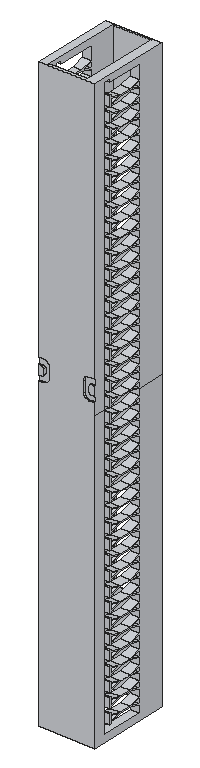
Revit family
Parameters
  Material ID = "760089433"
  Description = "Vertical Cable Management Kit, 8in X 84in (203mm X 2134mm) Single Sided, With Door, Black"
Reference planes (in)
  plane 1 "Center (Front/Back)": y = 0
  plane 2: z = 0
  plane 3 "Center (Left/Right)": x = 0
Forms (in)
  Extrusion 1, void, not visible
    sketch origin (0, 0, 0) x (1, 0, 0) y (0, 0, 1)
      loop
        line (-7.85662, 0.48089) -> (-7.85662, -0.39002) -> (-7.67285, -0.39002) -> (-7.67285, -0.64002) -> (-7.0736, -0.64002) -> (-7.0736, -0.39002) -> (-6.92978, -0.39002) -> (-6.92978, 0.48089) -> (-7.85662, 0.48089)
    from -3.79215 to 12
  Extrusion 2, void, not visible
    sketch origin (0, 0, 0) x (1, 0, 0) y (0, 0, 1)
      loop
        line (-8.21397, 0.42583) -> (-8.21397, -0.07417) -> (-8.08657, -0.07417) -> (-8.08657, -0.27417) -> (-7.83657, -0.27417) -> (-7.83657, -0.07417) -> (-7.72497, -0.07417) -> (-7.72497, 0.42583) -> (-8.21397, 0.42583)
    from 0.74059 to 3.34334
  Extrusion 3, solid
    sketch origin (0, 0, 0) x (1, 0, 0) y (0, 0, 1)
      loop
        line (7, 42) -> (-1, 42) -> (-1, -42) -> (7, -42) -> (7, 0) -> (7, 42)
    from 11.281 to -0.549
  Extrusion 4, void
    sketch origin (0, 0, 0) x (1, 0, 0) y (0, 0, 1)
      loop
        line (7, 4.67999) -> (6.17811, 4.67999)
        arc (6.17811, 4.67999) -> (5.61242, 4.44568) -> (5.37811, 3.87999) r 0.8
        line (5.37811, 3.87999) -> (5.37811, 2.45474)
        arc (5.37811, 2.45474) -> (5.61242, 1.88905) -> (6.17811, 1.65474) r 0.8
        line (6.17811, 1.65474) -> (7, 1.65474) -> (7, 2.45474) -> (6.47811, 2.45474)
        arc (6.47811, 2.45474) -> (6.26598, 2.54261) -> (6.17811, 2.75474) r 0.3
        line (6.17811, 2.75474) -> (6.17811, 3.44627)
        arc (6.17811, 3.44627) -> (6.26598, 3.6584) -> (6.47811, 3.74627) r 0.3
        line (6.47811, 3.74627) -> (7, 3.74627) -> (7, 4.67999)
      loop
        line (-1, 4.67999) -> (-1, 3.74627) -> (-0.47811, 3.74627)
        arc (-0.47811, 3.74627) -> (-0.26598, 3.6584) -> (-0.17811, 3.44627) r 0.3
        line (-0.17811, 3.44627) -> (-0.17811, 2.75474)
        arc (-0.17811, 2.75474) -> (-0.26598, 2.54261) -> (-0.47811, 2.45474) r 0.3
        line (-0.47811, 2.45474) -> (-1, 2.45474) -> (-1, 1.65474) -> (-0.17811, 1.65474)
        arc (-0.17811, 1.65474) -> (0.38758, 1.88905) -> (0.62189, 2.45474) r 0.8
        line (0.62189, 2.45474) -> (0.62189, 3.87999)
        arc (0.62189, 3.87999) -> (0.38758, 4.44568) -> (-0.17811, 4.67999) r 0.8
        line (-0.17811, 4.67999) -> (-1, 4.67999)
    from 11.08569 to 11.281
  Extrusion 5, void
    sketch origin (0, 0, 0) x (1, 0, 0) y (0, 1, 0)
      loop
        line (5.70983, 0.3385) -> (0.20983, 0.3385) -> (0.20983, -10.9115) -> (5.70983, -10.9115) -> (5.70983, 0.3385)
    from -57.1272 to 54.97812
  Extrusion 6, void
    sketch origin (0, 0, 0) x (0, 1, 0) y (0, 0, 1)
      loop
        line (-3.37841, 39.06909) -> (-3.37841, 41.06909) -> (-8.50915, 41.06909) -> (-8.50915, 39.06909) -> (-6.81878, 38.61615) -> (-5.06878, 38.61615) -> (-3.37841, 39.06909)
      loop
        line (-3.37841, 38.06909) -> (-5.06878, 38.52202) -> (-6.81878, 38.52202) -> (-8.50915, 38.06909) -> (-8.50915, 37.81909) -> (-8.50915, 37.06909) -> (-6.81878, 36.61615) -> (-5.06878, 36.61615) -> (-3.37841, 37.06909) -> (-3.37841, 37.81909) -> (-3.37841, 38.06909)
      loop
        line (-3.37841, 39.00985) -> (-4.9864, 38.57899) -> (-3.37841, 38.14813) -> (-3.37841, 39.00985)
      loop
        line (-8.50915, 39.00985) -> (-8.50915, 38.14813) -> (-6.90115, 38.57899) -> (-8.50915, 39.00985)
      loop
        line (-3.37841, 36.06909) -> (-5.06878, 36.52202) -> (-6.81878, 36.52202) -> (-8.50915, 36.06909) -> (-8.50915, 35.06909) -> (-6.81878, 34.61615) -> (-5.06878, 34.61615) -> (-3.37841, 35.06909) -> (-3.37841, 36.06909)
      loop
        line (-3.37841, 37.00985) -> (-4.9864, 36.57899) -> (-3.37841, 36.14813) -> (-3.37841, 37.00985)
      loop
        line (-8.50915, 37.00985) -> (-8.50915, 36.14813) -> (-6.90115, 36.57899) -> (-8.50915, 37.00985)
      loop
        line (-3.37841, 34.06909) -> (-5.06878, 34.52202) -> (-6.81878, 34.52202) -> (-8.50915, 34.06909) -> (-8.50915, 33.06909) -> (-6.81878, 32.61615) -> (-5.06878, 32.61615) -> (-3.37841, 33.06909) -> (-3.37841, 34.06909)
      loop
        line (-3.37841, 35.00985) -> (-4.9864, 34.57899) -> (-3.37841, 34.14813) -> (-3.37841, 35.00985)
      loop
        line (-8.50915, 35.00985) -> (-8.50915, 34.14813) -> (-6.90115, 34.57899) -> (-8.50915, 35.00985)
      loop
        line (-3.37841, 32.06909) -> (-5.06878, 32.52202) -> (-6.81878, 32.52202) -> (-8.50915, 32.06909) -> (-8.50915, 31.06909) -> (-6.81878, 30.61615) -> (-5.06878, 30.61615) -> (-3.37841, 31.06909) -> (-3.37841, 32.06909)
      loop
        line (-3.37841, 33.00985) -> (-4.9864, 32.57899) -> (-3.37841, 32.14813) -> (-3.37841, 33.00985)
      loop
        line (-8.50915, 33.00985) -> (-8.50915, 32.14813) -> (-6.90115, 32.57899) -> (-8.50915, 33.00985)
      loop
        line (-3.37841, 30.06909) -> (-5.06878, 30.52202) -> (-6.81878, 30.52202) -> (-8.50915, 30.06909) -> (-8.50915, 29.06909) -> (-6.81878, 28.61615) -> (-5.06878, 28.61615) -> (-3.37841, 29.06909) -> (-3.37841, 30.06909)
      loop
        line (-3.37841, 31.00985) -> (-4.9864, 30.57899) -> (-3.37841, 30.14813) -> (-3.37841, 31.00985)
      loop
        line (-8.50915, 31.00985) -> (-8.50915, 30.14813) -> (-6.90115, 30.57899) -> (-8.50915, 31.00985)
      loop
        line (-3.37841, 28.06909) -> (-5.06878, 28.52202) -> (-6.81878, 28.52202) -> (-8.50915, 28.06909) -> (-8.50915, 27.06909) -> (-6.81878, 26.61615) -> (-5.06878, 26.61615) -> (-3.37841, 27.06909) -> (-3.37841, 28.06909)
      loop
        line (-3.37841, 29.00985) -> (-4.9864, 28.57899) -> (-3.37841, 28.14813) -> (-3.37841, 29.00985)
      loop
        line (-8.50915, 29.00985) -> (-8.50915, 28.14813) -> (-6.90115, 28.57899) -> (-8.50915, 29.00985)
      loop
        line (-3.37841, 26.06909) -> (-5.06878, 26.52202) -> (-6.81878, 26.52202) -> (-8.50915, 26.06909) -> (-8.50915, 25.06909) -> (-6.81878, 24.61615) -> (-5.06878, 24.61615) -> (-3.37841, 25.06909) -> (-3.37841, 26.06909)
      loop
        line (-3.37841, 27.00985) -> (-4.9864, 26.57899) -> (-3.37841, 26.14813) -> (-3.37841, 27.00985)
      loop
        line (-8.50915, 27.00985) -> (-8.50915, 26.14813) -> (-6.90115, 26.57899) -> (-8.50915, 27.00985)
      loop
        line (-3.37841, 24.06909) -> (-5.06878, 24.52202) -> (-6.81878, 24.52202) -> (-8.50915, 24.06909) -> (-8.50915, 23.06909) -> (-6.81878, 22.61615) -> (-5.06878, 22.61615) -> (-3.37841, 23.06909) -> (-3.37841, 24.06909)
      loop
        line (-3.37841, 25.00985) -> (-4.9864, 24.57899) -> (-3.37841, 24.14813) -> (-3.37841, 25.00985)
      loop
        line (-8.50915, 25.00985) -> (-8.50915, 24.14813) -> (-6.90115, 24.57899) -> (-8.50915, 25.00985)
      loop
        line (-3.37841, 22.06909) -> (-5.06878, 22.52202) -> (-6.81878, 22.52202) -> (-8.50915, 22.06909) -> (-8.50915, 21.06909) -> (-6.81878, 20.61615) -> (-5.06878, 20.61615) -> (-3.37841, 21.06909) -> (-3.37841, 22.06909)
      loop
        line (-3.37841, 23.00985) -> (-4.9864, 22.57899) -> (-3.37841, 22.14813) -> (-3.37841, 23.00985)
      loop
        line (-8.50915, 23.00985) -> (-8.50915, 22.14813) -> (-6.90115, 22.57899) -> (-8.50915, 23.00985)
      loop
        line (-3.37841, 20.06909) -> (-5.06878, 20.52202) -> (-6.81878, 20.52202) -> (-8.50915, 20.06909) -> (-8.50915, 19.06909) -> (-6.81878, 18.61615) -> (-5.06878, 18.61615) -> (-3.37841, 19.06909) -> (-3.37841, 20.06909)
      loop
        line (-3.37841, 21.00985) -> (-4.9864, 20.57899) -> (-3.37841, 20.14813) -> (-3.37841, 21.00985)
      loop
        line (-8.50915, 21.00985) -> (-8.50915, 20.14813) -> (-6.90115, 20.57899) -> (-8.50915, 21.00985)
      loop
        line (-3.37841, 18.06909) -> (-5.06878, 18.52202) -> (-6.81878, 18.52202) -> (-8.50915, 18.06909) -> (-8.50915, 17.06909) -> (-6.81878, 16.61615) -> (-5.06878, 16.61615) -> (-3.37841, 17.06909) -> (-3.37841, 18.06909)
      loop
        line (-3.37841, 19.00985) -> (-4.9864, 18.57899) -> (-3.37841, 18.14813) -> (-3.37841, 19.00985)
      loop
        line (-8.50915, 19.00985) -> (-8.50915, 18.14813) -> (-6.90115, 18.57899) -> (-8.50915, 19.00985)
      loop
        line (-3.37841, 16.06909) -> (-5.06878, 16.52202) -> (-6.81878, 16.52202) -> (-8.50915, 16.06909) -> (-8.50915, 15.06909) -> (-6.81878, 14.61615) -> (-5.06878, 14.61615) -> (-3.37841, 15.06909) -> (-3.37841, 16.06909)
      loop
        line (-3.37841, 17.00985) -> (-4.9864, 16.57899) -> (-3.37841, 16.14813) -> (-3.37841, 17.00985)
      loop
        line (-8.50915, 17.00985) -> (-8.50915, 16.14813) -> (-6.90115, 16.57899) -> (-8.50915, 17.00985)
      loop
        line (-3.37841, 14.06909) -> (-5.06878, 14.52202) -> (-6.81878, 14.52202) -> (-8.50915, 14.06909) -> (-8.50915, 13.06909) -> (-6.81878, 12.61615) -> (-5.06878, 12.61615) -> (-3.37841, 13.06909) -> (-3.37841, 14.06909)
      loop
        line (-3.37841, 15.00985) -> (-4.9864, 14.57899) -> (-3.37841, 14.14813) -> (-3.37841, 15.00985)
      loop
        line (-8.50915, 15.00985) -> (-8.50915, 14.14813) -> (-6.90115, 14.57899) -> (-8.50915, 15.00985)
      loop
        line (-3.37841, 12.06909) -> (-5.06878, 12.52202) -> (-6.81878, 12.52202) -> (-8.50915, 12.06909) -> (-8.50915, 11.06909) -> (-6.81878, 10.61615) -> (-5.06878, 10.61615) -> (-3.37841, 11.06909) -> (-3.37841, 12.06909)
      loop
        line (-3.37841, 13.00985) -> (-4.9864, 12.57899) -> (-3.37841, 12.14813) -> (-3.37841, 13.00985)
      loop
        line (-8.50915, 13.00985) -> (-8.50915, 12.14813) -> (-6.90115, 12.57899) -> (-8.50915, 13.00985)
      loop
        line (-3.37841, 10.06909) -> (-5.06878, 10.52202) -> (-6.81878, 10.52202) -> (-8.50915, 10.06909) -> (-8.50915, 9.06909) -> (-6.81878, 8.61615) -> (-5.06878, 8.61615) -> (-3.37841, 9.06909) -> (-3.37841, 10.06909)
      loop
        line (-3.37841, 11.00985) -> (-4.9864, 10.57899) -> (-3.37841, 10.14813) -> (-3.37841, 11.00985)
      loop
        line (-8.50915, 11.00985) -> (-8.50915, 10.14813) -> (-6.90115, 10.57899) -> (-8.50915, 11.00985)
      loop
        line (-3.37841, 8.06909) -> (-5.06878, 8.52202) -> (-6.81878, 8.52202) -> (-8.50915, 8.06909) -> (-8.50915, 7.06909) -> (-6.81878, 6.61615) -> (-5.06878, 6.61615) -> (-3.37841, 7.06909) -> (-3.37841, 8.06909)
      loop
        line (-3.37841, 9.00985) -> (-4.9864, 8.57899) -> (-3.37841, 8.14813) -> (-3.37841, 9.00985)
      loop
        line (-8.50915, 9.00985) -> (-8.50915, 8.14813) -> (-6.90115, 8.57899) -> (-8.50915, 9.00985)
      loop
        line (-3.37841, 6.06909) -> (-5.06878, 6.52202) -> (-6.81878, 6.52202) -> (-8.50915, 6.06909) -> (-8.50915, 5.06909) -> (-6.81878, 4.61615) -> (-5.06878, 4.61615) -> (-3.37841, 5.06909) -> (-3.37841, 6.06909)
      loop
        line (-3.37841, 7.00985) -> (-4.9864, 6.57899) -> (-3.37841, 6.14813) -> (-3.37841, 7.00985)
      loop
        line (-8.50915, 7.00985) -> (-8.50915, 6.14813) -> (-6.90115, 6.57899) -> (-8.50915, 7.00985)
      loop
        line (-3.37841, 4.06909) -> (-5.06878, 4.52202) -> (-6.81878, 4.52202) -> (-8.50915, 4.06909) -> (-8.50915, 3.06909) -> (-6.81878, 2.61615) -> (-5.06878, 2.61615) -> (-3.37841, 3.06909) -> (-3.37841, 4.06909)
      loop
        line (-3.37841, 5.00985) -> (-4.9864, 4.57899) -> (-3.37841, 4.14813) -> (-3.37841, 5.00985)
      loop
        line (-8.50915, 5.00985) -> (-8.50915, 4.14813) -> (-6.90115, 4.57899) -> (-8.50915, 5.00985)
      loop
        line (-3.37841, 2.06909) -> (-5.06878, 2.52202) -> (-6.81878, 2.52202) -> (-8.50915, 2.06909) -> (-8.50915, 1.06909) -> (-6.81878, 0.61615) -> (-5.06878, 0.61615) -> (-3.37841, 1.06909) -> (-3.37841, 2.06909)
      loop
        line (-3.37841, 3.00985) -> (-4.9864, 2.57899) -> (-3.37841, 2.14813) -> (-3.37841, 3.00985)
      loop
        line (-8.50915, 3.00985) -> (-8.50915, 2.14813) -> (-6.90115, 2.57899) -> (-8.50915, 3.00985)
      loop
        line (-3.37841, 0.06909) -> (-5.06878, 0.52202) -> (-6.81878, 0.52202) -> (-8.50915, 0.06909) -> (-8.50915, -0.93091) -> (-6.81878, -1.38385) -> (-5.06878, -1.38385) -> (-3.37841, -0.93091) -> (-3.37841, 0.06909)
      loop
        line (-3.37841, 1.00985) -> (-4.9864, 0.57899) -> (-3.37841, 0.14813) -> (-3.37841, 1.00985)
      loop
        line (-8.50915, 1.00985) -> (-8.50915, 0.14813) -> (-6.90115, 0.57899) -> (-8.50915, 1.00985)
      loop
        line (-3.37841, -1.93091) -> (-5.06878, -1.47798) -> (-6.81878, -1.47798) -> (-8.50915, -1.93091) -> (-8.50915, -2.93091) -> (-6.81878, -3.38385) -> (-5.06878, -3.38385) -> (-3.37841, -2.93091) -> (-3.37841, -1.93091)
      loop
        line (-3.37841, -0.99015) -> (-4.9864, -1.42101) -> (-3.37841, -1.85187) -> (-3.37841, -0.99015)
      loop
        line (-8.50915, -0.99015) -> (-8.50915, -1.85187) -> (-6.90115, -1.42101) -> (-8.50915, -0.99015)
      loop
        line (-3.37841, -3.93091) -> (-5.06878, -3.47798) -> (-6.81878, -3.47798) -> (-8.50915, -3.93091) -> (-8.50915, -4.93091) -> (-6.81878, -5.38385) -> (-5.06878, -5.38385) -> (-3.37841, -4.93091) -> (-3.37841, -3.93091)
      loop
        line (-3.37841, -2.99015) -> (-4.9864, -3.42101) -> (-3.37841, -3.85187) -> (-3.37841, -2.99015)
      loop
        line (-8.50915, -2.99015) -> (-8.50915, -3.85187) -> (-6.90115, -3.42101) -> (-8.50915, -2.99015)
      loop
        line (-3.37841, -5.93091) -> (-5.06878, -5.47798) -> (-6.81878, -5.47798) -> (-8.50915, -5.93091) -> (-8.50915, -6.93091) -> (-6.81878, -7.38385) -> (-5.06878, -7.38385) -> (-3.37841, -6.93091) -> (-3.37841, -5.93091)
      loop
        line (-3.37841, -4.99015) -> (-4.9864, -5.42101) -> (-3.37841, -5.85187) -> (-3.37841, -4.99015)
      loop
        line (-8.50915, -4.99015) -> (-8.50915, -5.85187) -> (-6.90115, -5.42101) -> (-8.50915, -4.99015)
      loop
        line (-3.37841, -7.93091) -> (-5.06878, -7.47798) -> (-6.81878, -7.47798) -> (-8.50915, -7.93091) -> (-8.50915, -8.93091) -> (-6.81878, -9.38385) -> (-5.06878, -9.38385) -> (-3.37841, -8.93091) -> (-3.37841, -7.93091)
      loop
        line (-3.37841, -6.99015) -> (-4.9864, -7.42101) -> (-3.37841, -7.85187) -> (-3.37841, -6.99015)
      loop
        line (-8.50915, -6.99015) -> (-8.50915, -7.85187) -> (-6.90115, -7.42101) -> (-8.50915, -6.99015)
      loop
        line (-3.37841, -9.93091) -> (-5.06878, -9.47798) -> (-6.81878, -9.47798) -> (-8.50915, -9.93091) -> (-8.50915, -10.93091) -> (-6.81878, -11.38385) -> (-5.06878, -11.38385) -> (-3.37841, -10.93091) -> (-3.37841, -9.93091)
      loop
        line (-3.37841, -8.99015) -> (-4.9864, -9.42101) -> (-3.37841, -9.85187) -> (-3.37841, -8.99015)
      loop
        line (-8.50915, -8.99015) -> (-8.50915, -9.85187) -> (-6.90115, -9.42101) -> (-8.50915, -8.99015)
      loop
        line (-3.37841, -11.93091) -> (-5.06878, -11.47798) -> (-6.81878, -11.47798) -> (-8.50915, -11.93091) -> (-8.50915, -12.93091) -> (-6.81878, -13.38385) -> (-5.06878, -13.38385) -> (-3.37841, -12.93091) -> (-3.37841, -11.93091)
      loop
        line (-3.37841, -10.99015) -> (-4.9864, -11.42101) -> (-3.37841, -11.85187) -> (-3.37841, -10.99015)
      loop
        line (-8.50915, -10.99015) -> (-8.50915, -11.85187) -> (-6.90115, -11.42101) -> (-8.50915, -10.99015)
      loop
        line (-3.37841, -13.93091) -> (-5.06878, -13.47798) -> (-6.81878, -13.47798) -> (-8.50915, -13.93091) -> (-8.50915, -14.93091) -> (-6.81878, -15.38385) -> (-5.06878, -15.38385) -> (-3.37841, -14.93091) -> (-3.37841, -13.93091)
      loop
        line (-3.37841, -12.99015) -> (-4.9864, -13.42101) -> (-3.37841, -13.85187) -> (-3.37841, -12.99015)
      loop
        line (-8.50915, -12.99015) -> (-8.50915, -13.85187) -> (-6.90115, -13.42101) -> (-8.50915, -12.99015)
      loop
        line (-3.37841, -15.93091) -> (-5.06878, -15.47798) -> (-6.81878, -15.47798) -> (-8.50915, -15.93091) -> (-8.50915, -16.93091) -> (-6.81878, -17.38385) -> (-5.06878, -17.38385) -> (-3.37841, -16.93091) -> (-3.37841, -15.93091)
      loop
        line (-3.37841, -14.99015) -> (-4.9864, -15.42101) -> (-3.37841, -15.85187) -> (-3.37841, -14.99015)
      loop
        line (-8.50915, -14.99015) -> (-8.50915, -15.85187) -> (-6.90115, -15.42101) -> (-8.50915, -14.99015)
      loop
        line (-3.37841, -17.93091) -> (-5.06878, -17.47798) -> (-6.81878, -17.47798) -> (-8.50915, -17.93091) -> (-8.50915, -18.93091) -> (-6.81878, -19.38385) -> (-5.06878, -19.38385) -> (-3.37841, -18.93091) -> (-3.37841, -17.93091)
      loop
        line (-3.37841, -16.99015) -> (-4.9864, -17.42101) -> (-3.37841, -17.85187) -> (-3.37841, -16.99015)
      loop
        line (-8.50915, -16.99015) -> (-8.50915, -17.85187) -> (-6.90115, -17.42101) -> (-8.50915, -16.99015)
      loop
        line (-3.37841, -19.93091) -> (-5.06878, -19.47798) -> (-6.81878, -19.47798) -> (-8.50915, -19.93091) -> (-8.50915, -20.93091) -> (-6.81878, -21.38385) -> (-5.06878, -21.38385) -> (-3.37841, -20.93091) -> (-3.37841, -19.93091)
      loop
        line (-3.37841, -18.99015) -> (-4.9864, -19.42101) -> (-3.37841, -19.85187) -> (-3.37841, -18.99015)
      loop
        line (-8.50915, -18.99015) -> (-8.50915, -19.85187) -> (-6.90115, -19.42101) -> (-8.50915, -18.99015)
      loop
        line (-3.37841, -21.93091) -> (-5.06878, -21.47798) -> (-6.81878, -21.47798) -> (-8.50915, -21.93091) -> (-8.50915, -22.93091) -> (-6.81878, -23.38385) -> (-5.06878, -23.38385) -> (-3.37841, -22.93091) -> (-3.37841, -21.93091)
      loop
        line (-3.37841, -20.99015) -> (-4.9864, -21.42101) -> (-3.37841, -21.85187) -> (-3.37841, -20.99015)
      loop
        line (-8.50915, -20.99015) -> (-8.50915, -21.85187) -> (-6.90115, -21.42101) -> (-8.50915, -20.99015)
      loop
        line (-3.37841, -23.93091) -> (-5.06878, -23.47798) -> (-6.81878, -23.47798) -> (-8.50915, -23.93091) -> (-8.50915, -24.93091) -> (-6.81878, -25.38385) -> (-5.06878, -25.38385) -> (-3.37841, -24.93091) -> (-3.37841, -23.93091)
      loop
        line (-3.37841, -22.99015) -> (-4.9864, -23.42101) -> (-3.37841, -23.85187) -> (-3.37841, -22.99015)
      loop
        line (-8.50915, -22.99015) -> (-8.50915, -23.85187) -> (-6.90115, -23.42101) -> (-8.50915, -22.99015)
      loop
        line (-3.37841, -25.93091) -> (-5.06878, -25.47798) -> (-6.81878, -25.47798) -> (-8.50915, -25.93091) -> (-8.50915, -26.93091) -> (-6.81878, -27.38385) -> (-5.06878, -27.38385) -> (-3.37841, -26.93091) -> (-3.37841, -25.93091)
      loop
        line (-3.37841, -24.99015) -> (-4.9864, -25.42101) -> (-3.37841, -25.85187) -> (-3.37841, -24.99015)
      loop
        line (-8.50915, -24.99015) -> (-8.50915, -25.85187) -> (-6.90115, -25.42101) -> (-8.50915, -24.99015)
      loop
        line (-3.37841, -27.93091) -> (-5.06878, -27.47798) -> (-6.81878, -27.47798) -> (-8.50915, -27.93091) -> (-8.50915, -28.93091) -> (-6.81878, -29.38385) -> (-5.06878, -29.38385) -> (-3.37841, -28.93091) -> (-3.37841, -27.93091)
      loop
        line (-3.37841, -26.99015) -> (-4.9864, -27.42101) -> (-3.37841, -27.85187) -> (-3.37841, -26.99015)
      loop
        line (-8.50915, -26.99015) -> (-8.50915, -27.85187) -> (-6.90115, -27.42101) -> (-8.50915, -26.99015)
      loop
        line (-3.37841, -29.93091) -> (-5.06878, -29.47798) -> (-6.81878, -29.47798) -> (-8.50915, -29.93091) -> (-8.50915, -30.93091) -> (-6.81878, -31.38385) -> (-5.06878, -31.38385) -> (-3.37841, -30.93091) -> (-3.37841, -29.93091)
      loop
        line (-3.37841, -28.99015) -> (-4.9864, -29.42101) -> (-3.37841, -29.85187) -> (-3.37841, -28.99015)
      loop
        line (-8.50915, -28.99015) -> (-8.50915, -29.85187) -> (-6.90115, -29.42101) -> (-8.50915, -28.99015)
      loop
        line (-3.37841, -31.93091) -> (-5.06878, -31.47798) -> (-6.81878, -31.47798) -> (-8.50915, -31.93091) -> (-8.50915, -32.93091) -> (-6.81878, -33.38385) -> (-5.06878, -33.38385) -> (-3.37841, -32.93091) -> (-3.37841, -31.93091)
      loop
        line (-3.37841, -30.99015) -> (-4.9864, -31.42101) -> (-3.37841, -31.85187) -> (-3.37841, -30.99015)
      loop
        line (-8.50915, -30.99015) -> (-8.50915, -31.85187) -> (-6.90115, -31.42101) -> (-8.50915, -30.99015)
      loop
        line (-3.37841, -33.93091) -> (-5.06878, -33.47798) -> (-6.81878, -33.47798) -> (-8.50915, -33.93091) -> (-8.50915, -34.93091) -> (-6.81878, -35.38385) -> (-5.06878, -35.38385) -> (-3.37841, -34.93091) -> (-3.37841, -33.93091)
      loop
        line (-3.37841, -32.99015) -> (-4.9864, -33.42101) -> (-3.37841, -33.85187) -> (-3.37841, -32.99015)
      loop
        line (-8.50915, -32.99015) -> (-8.50915, -33.85187) -> (-6.90115, -33.42101) -> (-8.50915, -32.99015)
      loop
        line (-3.37841, -35.93091) -> (-5.06878, -35.47798) -> (-6.81878, -35.47798) -> (-8.50915, -35.93091) -> (-8.50915, -36.93091) -> (-6.81878, -37.38385) -> (-5.06878, -37.38385) -> (-3.37841, -36.93091) -> (-3.37841, -35.93091)
      loop
        line (-3.37841, -34.99015) -> (-4.9864, -35.42101) -> (-3.37841, -35.85187) -> (-3.37841, -34.99015)
      loop
        line (-8.50915, -34.99015) -> (-8.50915, -35.85187) -> (-6.90115, -35.42101) -> (-8.50915, -34.99015)
      loop
        line (-3.37841, -37.93091) -> (-5.06878, -37.47798) -> (-6.81878, -37.47798) -> (-8.50915, -37.93091) -> (-8.50915, -38.93091) -> (-6.81878, -39.38385) -> (-5.06878, -39.38385) -> (-3.37841, -38.93091) -> (-3.37841, -37.93091)
      loop
        line (-3.37841, -36.99015) -> (-4.9864, -37.42101) -> (-3.37841, -37.85187) -> (-3.37841, -36.99015)
      loop
        line (-8.50915, -36.99015) -> (-8.50915, -37.85187) -> (-6.90115, -37.42101) -> (-8.50915, -36.99015)
      loop
        line (-3.37841, -40.99798) -> (-3.37841, -39.93091) -> (-5.06878, -39.47798) -> (-6.81878, -39.47798) -> (-8.50915, -39.93091) -> (-8.50915, -40.99798) -> (-3.37841, -40.99798)
      loop
        line (-3.37841, -38.99015) -> (-4.9864, -39.42101) -> (-3.37841, -39.85187) -> (-3.37841, -38.99015)
      loop
        line (-8.50915, -38.99015) -> (-8.50915, -39.85187) -> (-6.90115, -39.42101) -> (-8.50915, -38.99015)
    from -16.16264 to 12
  Extrusion 7, void
    sketch origin (0, 0, 0) x (0, 1, 0) y (0, 0, 1)
      loop
        line (-9.74802, 41.47806) -> (-9.74802, -41) -> (-8.75915, -41) -> (-8.75915, 41.47806) -> (-9.74802, 41.47806)
    from -16.48531 to 12
  Extrusion 8, void
    sketch origin (0, 0, 0) x (1, 0, 0) y (0, 0, 1)
      loop
        line (5.49935, 28.88043) -> (0.49935, 28.88043) -> (0.49935, 16.13043) -> (5.49935, 16.13043) -> (5.49935, 28.88043)
      loop
        line (5.49935, -28.88043) -> (5.49935, -16.13043) -> (0.49935, -16.13043) -> (0.49935, -28.88043) -> (5.49935, -28.88043)
    from -9.86946 to 1.00595
  Extrusion 9, void
    sketch origin (7, 0, 42) x (0, 0, 1) y (0, 1, 0)
      loop
        line (-0.93091, -7.22337) -> (-2.68091, -7.22337) -> (-2.68091, -9.22337) -> (-0.93091, -9.22337) -> (-0.93091, -7.22337)
      loop
        line (-4.08537, -9.05786) -> (-4.08537, -8.05786) -> (-4.76237, -8.05786) -> (-4.76237, -9.05786) -> (-4.08537, -9.05786)
      loop
        line (-6.08537, -9.05786) -> (-6.08537, -8.05786) -> (-6.76237, -8.05786) -> (-6.76237, -9.05786) -> (-6.08537, -9.05786)
      loop
        line (-8.08537, -9.05786) -> (-8.08537, -8.05786) -> (-8.76237, -8.05786) -> (-8.76237, -9.05786) -> (-8.08537, -9.05786)
      loop
        line (-10.08537, -9.05786) -> (-10.08537, -8.05786) -> (-10.76237, -8.05786) -> (-10.76237, -9.05786) -> (-10.08537, -9.05786)
      loop
        line (-12.08537, -9.05786) -> (-12.08537, -8.05786) -> (-12.76237, -8.05786) -> (-12.76237, -9.05786) -> (-12.08537, -9.05786)
      loop
        line (-14.08537, -9.05786) -> (-14.08537, -8.05786) -> (-14.76237, -8.05786) -> (-14.76237, -9.05786) -> (-14.08537, -9.05786)
      loop
        line (-16.08537, -9.05786) -> (-16.08537, -8.05786) -> (-16.76237, -8.05786) -> (-16.76237, -9.05786) -> (-16.08537, -9.05786)
      loop
        line (-18.08537, -9.05786) -> (-18.08537, -8.05786) -> (-18.76237, -8.05786) -> (-18.76237, -9.05786) -> (-18.08537, -9.05786)
      loop
        line (-20.08537, -9.05786) -> (-20.08537, -8.05786) -> (-20.76237, -8.05786) -> (-20.76237, -9.05786) -> (-20.08537, -9.05786)
      loop
        line (-22.08537, -9.05786) -> (-22.08537, -8.05786) -> (-22.76237, -8.05786) -> (-22.76237, -9.05786) -> (-22.08537, -9.05786)
      loop
        line (-24.08537, -9.05786) -> (-24.08537, -8.05786) -> (-24.76237, -8.05786) -> (-24.76237, -9.05786) -> (-24.08537, -9.05786)
      loop
        line (-26.08537, -9.05786) -> (-26.08537, -8.05786) -> (-26.76237, -8.05786) -> (-26.76237, -9.05786) -> (-26.08537, -9.05786)
      loop
        line (-28.08537, -9.05786) -> (-28.08537, -8.05786) -> (-28.76237, -8.05786) -> (-28.76237, -9.05786) -> (-28.08537, -9.05786)
      loop
        line (-30.08537, -9.05786) -> (-30.08537, -8.05786) -> (-30.76237, -8.05786) -> (-30.76237, -9.05786) -> (-30.08537, -9.05786)
      loop
        line (-32.08537, -9.05786) -> (-32.08537, -8.05786) -> (-32.76237, -8.05786) -> (-32.76237, -9.05786) -> (-32.08537, -9.05786)
      loop
        line (-34.08537, -9.05786) -> (-34.08537, -8.05786) -> (-34.76237, -8.05786) -> (-34.76237, -9.05786) -> (-34.08537, -9.05786)
      loop
        line (-36.08537, -9.05786) -> (-36.08537, -8.05786) -> (-36.76237, -8.05786) -> (-36.76237, -9.05786) -> (-36.08537, -9.05786)
      loop
        line (-38.08537, -9.05786) -> (-38.08537, -8.05786) -> (-38.76237, -8.05786) -> (-38.76237, -9.05786) -> (-38.08537, -9.05786)
      loop
        line (-40.08537, -9.05786) -> (-40.08537, -8.05786) -> (-40.76237, -8.05786) -> (-40.76237, -9.05786) -> (-40.08537, -9.05786)
      loop
        line (-42.08537, -9.05786) -> (-42.08537, -8.05786) -> (-42.76237, -8.05786) -> (-42.76237, -9.05786) -> (-42.08537, -9.05786)
      loop
        line (-44.08537, -9.05786) -> (-44.08537, -8.05786) -> (-44.76237, -8.05786) -> (-44.76237, -9.05786) -> (-44.08537, -9.05786)
      loop
        line (-46.08537, -9.05786) -> (-46.08537, -8.05786) -> (-46.76237, -8.05786) -> (-46.76237, -9.05786) -> (-46.08537, -9.05786)
      loop
        line (-48.08537, -9.05786) -> (-48.08537, -8.05786) -> (-48.76237, -8.05786) -> (-48.76237, -9.05786) -> (-48.08537, -9.05786)
      loop
        line (-50.08537, -9.05786) -> (-50.08537, -8.05786) -> (-50.76237, -8.05786) -> (-50.76237, -9.05786) -> (-50.08537, -9.05786)
      loop
        line (-52.08537, -9.05786) -> (-52.08537, -8.05786) -> (-52.76237, -8.05786) -> (-52.76237, -9.05786) -> (-52.08537, -9.05786)
      loop
        line (-54.08537, -9.05786) -> (-54.08537, -8.05786) -> (-54.76237, -8.05786) -> (-54.76237, -9.05786) -> (-54.08537, -9.05786)
      loop
        line (-56.08537, -9.05786) -> (-56.08537, -8.05786) -> (-56.76237, -8.05786) -> (-56.76237, -9.05786) -> (-56.08537, -9.05786)
      loop
        line (-58.08537, -9.05786) -> (-58.08537, -8.05786) -> (-58.76237, -8.05786) -> (-58.76237, -9.05786) -> (-58.08537, -9.05786)
      loop
        line (-60.08537, -9.05786) -> (-60.08537, -8.05786) -> (-60.76237, -8.05786) -> (-60.76237, -9.05786) -> (-60.08537, -9.05786)
      loop
        line (-62.08537, -9.05786) -> (-62.08537, -8.05786) -> (-62.76237, -8.05786) -> (-62.76237, -9.05786) -> (-62.08537, -9.05786)
      loop
        line (-64.08537, -9.05786) -> (-64.08537, -8.05786) -> (-64.76237, -8.05786) -> (-64.76237, -9.05786) -> (-64.08537, -9.05786)
      loop
        line (-66.08537, -9.05786) -> (-66.08537, -8.05786) -> (-66.76237, -8.05786) -> (-66.76237, -9.05786) -> (-66.08537, -9.05786)
      loop
        line (-68.08537, -9.05786) -> (-68.08537, -8.05786) -> (-68.76237, -8.05786) -> (-68.76237, -9.05786) -> (-68.08537, -9.05786)
      loop
        line (-70.08537, -9.05786) -> (-70.08537, -8.05786) -> (-70.76237, -8.05786) -> (-70.76237, -9.05786) -> (-70.08537, -9.05786)
      loop
        line (-72.08537, -9.05786) -> (-72.08537, -8.05786) -> (-72.76237, -8.05786) -> (-72.76237, -9.05786) -> (-72.08537, -9.05786)
      loop
        line (-74.08537, -9.05786) -> (-74.08537, -8.05786) -> (-74.76237, -8.05786) -> (-74.76237, -9.05786) -> (-74.08537, -9.05786)
      loop
        line (-76.08537, -9.05786) -> (-76.08537, -8.05786) -> (-76.76237, -8.05786) -> (-76.76237, -9.05786) -> (-76.08537, -9.05786)
      loop
        line (-78.08537, -9.05786) -> (-78.08537, -8.05786) -> (-78.76237, -8.05786) -> (-78.76237, -9.05786) -> (-78.08537, -9.05786)
      loop
        line (-80.08537, -9.05786) -> (-80.08537, -8.05786) -> (-80.76237, -8.05786) -> (-80.76237, -9.05786) -> (-80.08537, -9.05786)
      loop
        line (-82.99798, -7.70129) -> (-82.99798, -9.20129) -> (-82.14251, -9.20129) -> (-82.14251, -7.70129) -> (-82.99798, -7.70129)
    from 0 to 12
Cuts and joins
  Extrusion 4, Extrusion 5, Extrusion 6, Extrusion 7, Extrusion 8, Extrusion 9 cuts Extrusion 3
